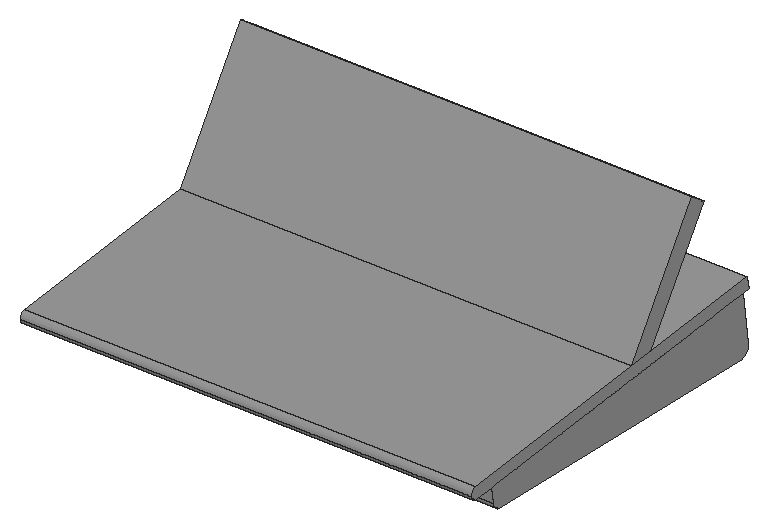
Revit family "Gio", category Electrical Equipment, Revit 2018
Family settings
  Panel Configuration = Two Columns, Circuits Across
  Round Connector Dimension = Use Diameter
  Part Type = Panelboard
  OmniClass Number = 23.80.30.11.17
  OmniClass Title = Distribution Boards and Control Panels
  Work Plane-Based = No
  Always vertical = Yes
  Cut with Voids When Loaded = No
  Shared = No
  Room Calculation Point = No
Parameters (values of type "24000 OUTPUTS")
  Wattage = "50/60Hz"
  Voltage = "100-240V"
  URL = "https://www.etcconnect.com/WorkArea/DownloadAsset.aspx?id=10737484004"
  Type Comments = "See product datasheet for dimensions and specifications"
  Model = "Gio"
  Material = "Aluminum"
  Manufacturer = "ETC, Inc."
  Fixture Part Number = "4240A1016-US"
  Designer = "Cfellin"
  Design Status = "1"
  Description = "Gio 24000 OUTPUT"
  Date Created = "2/18/2021"
  Cost = 0
Types (3): name | Fixture Part Number | Description
  (no name) | "4240A1016-US" | "Gio 24000 OUTPUT"
  4000 OUTPUTS | "4240A1014-US" | "Gio 4000 OUTPUT"
  24000 OUTPUTS | "4240A1016-US" | "Gio 24000 OUTPUT"
Reference planes (in)
  plane 1 "Center (Front/Back)": y = 0
  plane 2: z = 0
  plane 3 "Center (Left/Right)": x = 0
Forms (in)
  Extrusion 1, solid, material "Aluminum"
    sketch origin (0, 0, 0.39) x (0, 1, 0) y (0, 0, 1)
      loop
        arc (11.2235, 0) -> (11.73293, 0.23216) -> (11.89193, 0.76894) r 0.675
        line (11.89193, 0.76894) -> (11.44498, 3.94919) -> (-9.71942, 1.49486) -> (-9.57284, 0.45193)
        arc (-9.57284, 0.45193) -> (-9.39738, 0.12878) -> (-9.05295, 0) r 0.525
        line (-9.05295, 0) -> (11.2235, 0)
    from -15.25 to 15.25
  Extrusion 2, solid, material "Aluminum"
    sketch origin (-15.25, 0.11516, -0.60305) x (0, -1, 0) y (0, 0, 1)
      loop
        line (-11.80248, 4.99705) -> (9.85859, 2.48512) -> (11.09233, 2.34205)
        arc (11.09233, 2.34205) -> (11.38679, 2.42585) -> (11.53575, 2.69331) r 0.4
        arc (11.53575, 2.69331) -> (11.45195, 2.98777) -> (11.18449, 3.13673) r 0.4
        line (11.18449, 3.13673) -> (-11.69111, 5.7895) -> (-11.80248, 4.99705)
    from 0 to -30.5
  Extrusion 3, solid, material "Aluminum"
    sketch origin (-15.25, 2.57221, -0.11155) x (0, -0.984808, 0.173648) y (0, 0.173648, 0.984808)
      loop
        line (-0.28374, 4.46664) -> (1.17125, 4.03248) -> (-2.42566, 12.76563) -> (-3.51674, 12.31624) -> (-0.28374, 4.46664)
    from 0 to -30.5
  Extrusion 4, solid, material "Aluminum"
    sketch origin (5.23805, 13.10297, 0.39) x (-1, 0, 0) y (0, 1, 0)
      loop
        circle (17.44219, -5.34601) r 1
      loop
        circle (17.44219, -16.00419) r 1
      loop
        circle (17.39691, -19.82212) r 1
    from 0 to 0.39063
  Extrusion 5, solid, material "Aluminum"
    sketch origin (-5.23805, 13.10297, 0.39) x (-1, 0, 0) y (0, 1, 0)
      loop
        circle (-17.44219, -5.34601) r 1
      loop
        circle (-17.44219, -16.00419) r 1
      loop
        circle (-17.39691, -19.82212) r 1
    from 0 to 0.39063
Lines and regions (in)
  model lines
    curve 1: line (-14.25, 6.55186, 11.05212) -> (-14.25, 2.54826, 4.73986)
    curve 2: line (-1.625, 6.55186, 11.05212) -> (-14.25, 6.55186, 11.05212)
    curve 3: line (-1.625, 2.54826, 4.73986) -> (-1.625, 6.55186, 11.05212)
    curve 4: line (-14.25, 2.54826, 4.73986) -> (-1.625, 2.54826, 4.73986)
    curve 5: line (1.625, 6.55186, 11.05212) -> (1.625, 2.54826, 4.73986)
    curve 6: line (14, 6.55186, 11.05212) -> (1.625, 6.55186, 11.05212)
    curve 7: line (14, 2.54826, 4.73986) -> (14, 6.55186, 11.05212)
    curve 8: line (1.625, 2.54826, 4.73986) -> (14, 2.54826, 4.73986)
Dimensions and locks (in)
  Extrusion 1 sketch curve to Extrusion 1 sketch curve = 0' - 1.05317"
  Extrusion 1 sketch curve to Extrusion 1 sketch curve = 0' - 3.2115"
  locked: Extrusion 3 sketch curve to Extrusion 3 sketch curve at 1.18
  Extrusion 3 sketch curve to Extrusion 3 sketch curve = 0' - 9.44487"
  Extrusion 1 sketch curve to Extrusion 1 sketch curve = 1' - 9.3"
  Extrusion 1 to Extrusion 2 sketch curve = 0' - 0.47569"
  Extrusion 2 sketch curve to Extrusion 1 = 0' - 1.65603"
  angle Extrusion 1 sketch curve to Extrusion 1 sketch curve = 82.00°
  angle Extrusion 1 sketch curve to Extrusion 1 sketch curve = 98.00°
  aligned and locked: level to plane 2
